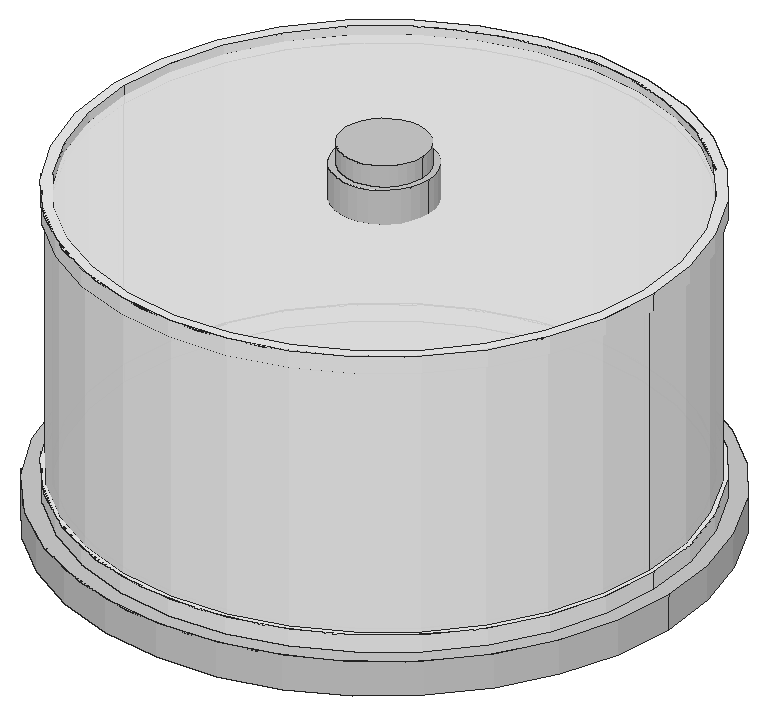
Revit family "2-6184-24 Echo", category Lighting Fixtures, Revit 2014
Parameters
  Wattage = 2.34277 W
  built-in parameter 1150110 = 1 (stored number, unit not read)
  URL = "http:www//oxygenlighting.com"
  Type Comments = "Lighting - Fluorescent"
  built-in parameter 1114217 = 1 (stored number, unit not read)
  Tilt Angle = -90.00°
  built-in parameter 1150109 = 1 (stored number, unit not read)
  built-in parameter 1150134 = 3
  built-in parameter 1150113 = 1 (stored number, unit not read)
  Shade = White Grass Shade
  Product Documentation Link = ""
  Power Factor = "0.99"
  Photometric Web File = "2-6184-24.IES"
  Model = "2-6184-24"
  Metal Finish = Satin Nickel
  Manufacturer = "Oxygen Lighting"
  built-in parameter 1150105 = 27.693 (stored number, unit not read)
  Lumens = 348 lm
  built-in parameter 1150115 = 1 (stored number, unit not read)
  built-in parameter 1150137 = (empty or 0)
  built-in parameter 1150139 = (empty or 0)
  built-in parameter 1150112 = 1 (stored number, unit not read)
  Lamp Manufacturer = "Sylvania"
  built-in parameter 1150114 = 1 (stored number, unit not read)
  Lamp = "2x13W quad tube 4-pin (G24-1) fluorescent"
  Junction Box = "4\" Octagonal"
  Input Voltage = "120V"
  Input Power = "27.3"
  Input Current = "Antron CSD-UV18PS"
  built-in parameter 1150132 = 2
  built-in parameter 1150102 = (empty or 0)
  built-in parameter 1150107 = 3200 (stored number, unit not read)
  built-in parameter 1150138 = (empty or 0)
  built-in parameter 1150106 = 0.27693 (stored number, unit not read)
  Fixture Diameter = 0' - 11 5/8"
  Emit from Circle Diameter = 2' - 0"
  Emit Shape Visible in Rendering = no
  built-in parameter 1150104 = 13.8 (stored number, unit not read)
  Dimming Lamp Color Temperature Shift = <None>
  Color Filter = 16777215
  Ballast Manufacturer = "Fulham"
  Diffuser = Matte White Acrylic
  Description = "11 1/2\"dia. Ceiling Mount"
  Default Elevation = 4' - 0"
  built-in parameter 1114218 = 1 (stored number, unit not read)
  built-in parameter 1150133 = 10 (stored number, unit not read)
  Apparent Load = 27.3 VA
Reference planes (in)
  plane 1 "Light Source Axis (F/B)": y = -8.60801
  plane 2: z = 0
  plane 3 "Light Source Axis (L/R)": x = 0
  plane 4 "Light Source Elevation": z = 5
  plane 5: z = 0
  plane 6: y = -2.79551
  plane 7: y = -14.42051
  plane 8: x = -5.8125
  plane 9: x = 5.8125
  plane 10: x = -5.5
  plane 11: x = 5.5
  plane 12: x = -0.90625
  plane 13: x = 0.90625
  plane 14: x = -0.78125
  plane 15: x = 0.78125
  plane 16: z = 6.03125
  plane 17: z = 5.71875
  plane 18: z = 0.9375
  plane 19: z = 0.625
  plane 20: z = 6.5
  plane 21: z = 6.875
  plane 22: x = -5.3125
  plane 23: x = 5.3125
Forms (in)
  Extrusion 1, solid, material "Satin Nickel" <- "Metal Finish", not visible
    sketch origin (0, 0, 5) x (0, -1, 0) y (1, 0, 0)
      loop
        line (2.60801, -6) -> (14.60801, -6) -> (14.60801, 6) -> (2.60801, 6) -> (2.60801, -6)
      loop
        line (14.04551, 5.4375) -> (3.17051, 5.4375) -> (3.17051, -5.4375) -> (14.04551, -5.4375) -> (14.04551, 5.4375)
    from -0.375 to -0.785
  Extrusion 2, solid, material "Satin Nickel" <- "Metal Finish", not visible
    sketch origin (0, 0, 5) x (0, -1, 0) y (1, 0, 0)
      loop
        line (2.60801, -6) -> (14.60801, -6) -> (14.60801, 6) -> (2.60801, 6) -> (2.60801, -6)
    from -5 to -4.59
  Extrusion 3, solid, material "Satin Nickel" <- "Metal Finish", not visible
    sketch origin (0, 0, 5) x (0, -1, 0) y (1, 0, 0)
      loop
        circle (14.27801, 5.67) r 0.195
      loop
        circle (14.27801, -5.67) r 0.195
      loop
        circle (2.93801, -5.67) r 0.195
      loop
        circle (2.93801, 5.67) r 0.195
    from -0.175 to -5
  Extrusion 4, solid, material "Matte White Acrylic" <- "Diffuser", not visible
    sketch origin (0, 0, 5) x (0, -1, 0) y (1, 0, 0)
      loop
        line (3.17051, -5.4375) -> (14.04551, -5.4375) -> (14.04551, 5.4375) -> (3.17051, 5.4375) -> (3.17051, -5.4375)
      loop
        line (3.25051, 5.3575) -> (3.25051, -5.3575) -> (13.96551, -5.3575) -> (13.96551, 5.3575) -> (3.25051, 5.3575)
    from -4.59 to -0.375
  Extrusion 5, solid, material "Matte White Acrylic" <- "Diffuser", not visible
    sketch origin (0, 0, 5) x (0, -1, 0) y (1, 0, 0)
      loop
        line (3.17051, -5.4375) -> (14.04551, -5.4375) -> (14.04551, 5.4375) -> (3.17051, 5.4375) -> (3.17051, -5.4375)
    from -0.45282 to -0.375
  Revolve 6, solid, material "Satin Nickel" <- "Metal Finish", not visible
    sketch origin (-5.67, 0, 0) x (0, 1, 0) y (0, 0, 1)
      loop
        arc (-2.74301, 4.825) -> (-2.83442, 4.87697) -> (-2.93801, 4.895) r 0.30661
        line (-2.93801, 4.895) -> (-2.93801, 4.825) -> (-2.74301, 4.825)
      axis (-2.93801, 4.825) -> (-2.93801, 4.895)
    angle from 0 to 360
  Revolve 7, solid, material "Satin Nickel" <- "Metal Finish", not visible
    sketch origin (5.67, -11.34, 0) x (0, 1, 0) y (0, 0, 1)
      loop
        arc (-2.74301, 4.825) -> (-2.83442, 4.87697) -> (-2.93801, 4.895) r 0.30661
        line (-2.93801, 4.895) -> (-2.93801, 4.825) -> (-2.74301, 4.825)
      axis (-2.93801, 4.825) -> (-2.93801, 4.895)
    angle from 0 to 360
  Revolve 8, solid, material "Satin Nickel" <- "Metal Finish", not visible
    sketch origin (5.67, 0, 0) x (0, 1, 0) y (0, 0, 1)
      loop
        arc (-2.74301, 4.825) -> (-2.83442, 4.87697) -> (-2.93801, 4.895) r 0.30661
        line (-2.93801, 4.895) -> (-2.93801, 4.825) -> (-2.74301, 4.825)
      axis (-2.93801, 4.825) -> (-2.93801, 4.895)
    angle from 0 to 360
  Revolve 9, solid, material "Satin Nickel" <- "Metal Finish", not visible
    sketch origin (-5.67, -11.34, 0) x (0, 1, 0) y (0, 0, 1)
      loop
        arc (-2.74301, 4.825) -> (-2.83442, 4.87697) -> (-2.93801, 4.895) r 0.30661
        line (-2.93801, 4.895) -> (-2.93801, 4.825) -> (-2.74301, 4.825)
      axis (-2.93801, 4.825) -> (-2.93801, 4.895)
    angle from 0 to 360
  Extrusion 10, solid, material "Matte White Acrylic" <- "Diffuser", not visible
    sketch origin (0, 0, 5) x (0, -1, 0) y (1, 0, 0)
      loop
        circle (8.60801, 0) r 7.43856
    from 7.56293 to 7.75993
  Extrusion 11, solid, material "Satin Nickel" <- "Metal Finish", not visible
    sketch origin (0, 0, 5) x (0, -1, 0) y (1, 0, 0)
      loop
        circle (8.60801, 0) r 2.758
    from 7.81903 to 7.90405
  Revolve 12, solid, material "Satin Nickel" <- "Metal Finish", not visible
    sketch origin (0, 0, 0) x (0, 1, 0) y (0, 0, 1)
      loop
        line (-1.41871, 10.61415) -> (-1.41871, 12.56293) -> (-1.45023, 12.56293) -> (-1.45023, 10.61415)
        arc (-1.45023, 10.61415) -> (-1.456, 10.60022) -> (-1.46993, 10.59445) r 0.0197
        line (-1.46993, 10.59445) -> (-7.84827, 10.59445)
        arc (-7.84827, 10.59445) -> (-7.91857, 10.60077) -> (-7.98661, 10.61953) r 0.394
        line (-7.98661, 10.61953) -> (-8.16802, 10.68756)
        arc (-8.16802, 10.68756) -> (-8.23606, 10.70633) -> (-8.30636, 10.71265) r 0.394
        line (-8.30636, 10.71265) -> (-8.60801, 10.71265) -> (-8.60801, 10.68113) -> (-8.30636, 10.68113)
        arc (-8.30636, 10.68113) -> (-8.28126, 10.68033) -> (-8.25625, 10.67793) r 0.394
        arc (-8.25625, 10.67793) -> (-8.2115, 10.66954) -> (-8.16802, 10.65604) r 0.394
        line (-8.16802, 10.65604) -> (-7.98661, 10.58801)
        arc (-7.98661, 10.58801) -> (-7.91857, 10.56925) -> (-7.84827, 10.56293) r 0.394
        line (-7.84827, 10.56293) -> (-1.46993, 10.56293)
        arc (-1.46993, 10.56293) -> (-1.43372, 10.57793) -> (-1.41871, 10.61415) r 0.05122
      axis (-8.60801, 12.56293) -> (-8.60801, 10.56293)
    angle from 0 to 360
  Extrusion 13, solid, not visible
    sketch origin (0, 0, 5) x (0, -1, 0) y (1, 0, 0)
      loop
        circle (13.2144, 2.6595) r 0.197
      loop
        circle (4.00163, 2.6595) r 0.197
      loop
        circle (8.60801, -5.319) r 0.197
    from 5.00069 to 5.59445
  Revolve 14, solid, not visible
    sketch origin (0, 0, 0) x (0, 1, 0) y (0, 0, 1)
      loop
        line (-6.83801, 1.09605) -> (-6.83801, 1.3)
        arc (-6.83801, 1.3) -> (-6.882, 1.32836) -> (-6.93301, 1.34) r 0.15097
        line (-6.93301, 1.34) -> (-6.93301, 1.46) -> (-7.00801, 1.46) -> (-7.00801, 1.03) -> (-6.77801, 1.03) -> (-6.77801, 1.07)
        arc (-6.77801, 1.07) -> (-6.80582, 1.08809) -> (-6.83801, 1.09605) r 0.09961
      axis (-7.00801, 1.03) -> (-7.00801, 1.46)
    angle from 0 to 360
  Revolve 15, solid, not visible
    sketch origin (0, 0, 0) x (0, 1, 0) y (0, 0, 1)
      loop
        line (-6.60801, 0.9675) -> (-5.85801, 0.9675) -> (-5.85801, 1.03) -> (-8.60801, 1.03) -> (-8.60801, 0) -> (-6.60801, 0) -> (-6.60801, 0.9675)
      axis (-8.60801, 1.03) -> (-8.60801, 0)
    angle from 0 to 360
  Blend 16, solid, not visible
    base sketch origin (0, 0, 5) x (0, -1, 0) y (1, 0, 0)
      loop
        circle (7.01958, 0) r 0.03114
    top sketch origin (0, 0, 5) x (0, -1, 0) y (1, 0, 0)
      loop
        circle (3.99126, 2.65199) r 0.03261
    from -3.54 to 5.00069
  Revolve 17, solid, not visible
    sketch origin (7.45476, -12.91202, 0) x (0.866025, -0.5, 0) y (0, 0, 1)
      loop
        line (-6.83801, 1.09605) -> (-6.83801, 1.3)
        arc (-6.83801, 1.3) -> (-6.882, 1.32836) -> (-6.93301, 1.34) r 0.15097
        line (-6.93301, 1.34) -> (-6.93301, 1.46) -> (-7.00801, 1.46) -> (-7.00801, 1.03) -> (-6.77801, 1.03) -> (-6.77801, 1.07)
        arc (-6.77801, 1.07) -> (-6.80582, 1.08809) -> (-6.83801, 1.09605) r 0.09961
      axis (-7.00801, 1.03) -> (-7.00801, 1.46)
    angle from 0 to 360
  Revolve 18, solid, not visible
    sketch origin (-7.45476, -12.91202, 0) x (-0.866025, -0.5, 0) y (0, 0, 1)
      loop
        line (-6.83801, 1.09605) -> (-6.83801, 1.3)
        arc (-6.83801, 1.3) -> (-6.882, 1.32836) -> (-6.93301, 1.34) r 0.15097
        line (-6.93301, 1.34) -> (-6.93301, 1.46) -> (-7.00801, 1.46) -> (-7.00801, 1.03) -> (-6.77801, 1.03) -> (-6.77801, 1.07)
        arc (-6.77801, 1.07) -> (-6.80582, 1.08809) -> (-6.83801, 1.09605) r 0.09961
      axis (-7.00801, 1.03) -> (-7.00801, 1.46)
    angle from 0 to 360
  Blend 19, solid, not visible
    base sketch origin (0, 0, 5) x (0, -1, 0) y (1, 0, 0)
      loop
        circle (9.39942, 1.38405) r 0.03129
    top sketch origin (0, 0, 5) x (0, -1, 0) y (1, 0, 0)
      loop
        circle (13.20572, 2.65068) r 0.03291
    from -3.54 to 5.00069
  Blend 20, solid, not visible
    base sketch origin (0, 0, 5) x (0, -1, 0) y (1, 0, 0)
      loop
        circle (9.40429, -1.38764) r 0.03256
    top sketch origin (0, 0, 5) x (0, -1, 0) y (1, 0, 0)
      loop
        circle (8.60801, -5.31942) r 0.03147
    from -3.54 to 5.00069
  Extrusion 21, solid, material "Matte White Acrylic" <- "Diffuser", not visible
    sketch origin (0, 0, 5) x (0, -1, 0) y (1, 0, 0)
      loop
        circle (8.60801, 0) r 7.43856
    from 7.56293 to 7.75993
  Extrusion 22, solid, material "Satin Nickel" <- "Metal Finish", not visible
    sketch origin (0, 0, 5) x (0, -1, 0) y (1, 0, 0)
      loop
        circle (8.60801, 0) r 2.758
    from 7.81903 to 7.90405
  Revolve 23, solid, material "Satin Nickel" <- "Metal Finish", not visible
    sketch origin (0, 0, 0) x (0, 1, 0) y (0, 0, 1)
      loop
        line (-1.41871, 10.61415) -> (-1.41871, 12.56293) -> (-1.45023, 12.56293) -> (-1.45023, 10.61415)
        arc (-1.45023, 10.61415) -> (-1.456, 10.60022) -> (-1.46993, 10.59445) r 0.0197
        line (-1.46993, 10.59445) -> (-7.84827, 10.59445)
        arc (-7.84827, 10.59445) -> (-7.91857, 10.60077) -> (-7.98661, 10.61953) r 0.394
        line (-7.98661, 10.61953) -> (-8.16802, 10.68756)
        arc (-8.16802, 10.68756) -> (-8.23606, 10.70633) -> (-8.30636, 10.71265) r 0.394
        line (-8.30636, 10.71265) -> (-8.60801, 10.71265) -> (-8.60801, 10.68113) -> (-8.30636, 10.68113)
        arc (-8.30636, 10.68113) -> (-8.28126, 10.68033) -> (-8.25625, 10.67793) r 0.394
        arc (-8.25625, 10.67793) -> (-8.2115, 10.66954) -> (-8.16802, 10.65604) r 0.394
        line (-8.16802, 10.65604) -> (-7.98661, 10.58801)
        arc (-7.98661, 10.58801) -> (-7.91857, 10.56925) -> (-7.84827, 10.56293) r 0.394
        line (-7.84827, 10.56293) -> (-1.46993, 10.56293)
        arc (-1.46993, 10.56293) -> (-1.43372, 10.57793) -> (-1.41871, 10.61415) r 0.05122
      axis (-8.60801, 12.56293) -> (-8.60801, 10.56293)
    angle from 0 to 360
  Extrusion 24, solid, not visible
    sketch origin (-4.30401, -1.15326, 5) x (0.5, -0.866025, 0) y (0.866025, 0.5, 0)
      loop
        circle (13.2144, 2.6595) r 0.197
      loop
        circle (4.00163, 2.6595) r 0.197
      loop
        circle (8.60801, -5.319) r 0.197
    from 5.00069 to 5.59445
  Revolve 25, solid, not visible
    sketch origin (0, 0, 0) x (0, 1, 0) y (0, 0, 1)
      loop
        line (-6.83801, 1.09605) -> (-6.83801, 1.3)
        arc (-6.83801, 1.3) -> (-6.882, 1.32836) -> (-6.93301, 1.34) r 0.15097
        line (-6.93301, 1.34) -> (-6.93301, 1.46) -> (-7.00801, 1.46) -> (-7.00801, 1.03) -> (-6.77801, 1.03) -> (-6.77801, 1.07)
        arc (-6.77801, 1.07) -> (-6.80582, 1.08809) -> (-6.83801, 1.09605) r 0.09961
      axis (-7.00801, 1.03) -> (-7.00801, 1.46)
    angle from 0 to 360
  Revolve 26, solid, not visible
    sketch origin (0, 0, 0) x (0, 1, 0) y (0, 0, 1)
      loop
        line (-6.60801, 0.9675) -> (-5.85801, 0.9675) -> (-5.85801, 1.03) -> (-8.60801, 1.03) -> (-8.60801, 0) -> (-6.60801, 0) -> (-6.60801, 0.9675)
      axis (-8.60801, 1.03) -> (-8.60801, 0)
    angle from 0 to 360
  Blend 27, solid, not visible
    base sketch origin (0, 0, 5) x (0, -1, 0) y (1, 0, 0)
      loop
        circle (7.01958, 0) r 0.03114
    top sketch origin (0, 0, 5) x (0, -1, 0) y (1, 0, 0)
      loop
        circle (3.28066, 0) r 0.03261
    from -3.54 to 5.00069
  Revolve 28, solid, not visible
    sketch origin (7.45476, -12.91202, 0) x (0.866025, -0.5, 0) y (0, 0, 1)
      loop
        line (-6.83801, 1.09605) -> (-6.83801, 1.3)
        arc (-6.83801, 1.3) -> (-6.882, 1.32836) -> (-6.93301, 1.34) r 0.15097
        line (-6.93301, 1.34) -> (-6.93301, 1.46) -> (-7.00801, 1.46) -> (-7.00801, 1.03) -> (-6.77801, 1.03) -> (-6.77801, 1.07)
        arc (-6.77801, 1.07) -> (-6.80582, 1.08809) -> (-6.83801, 1.09605) r 0.09961
      axis (-7.00801, 1.03) -> (-7.00801, 1.46)
    angle from 0 to 360
  Revolve 29, solid, not visible
    sketch origin (-7.45476, -12.91202, 0) x (-0.866025, -0.5, 0) y (0, 0, 1)
      loop
        line (-6.83801, 1.09605) -> (-6.83801, 1.3)
        arc (-6.83801, 1.3) -> (-6.882, 1.32836) -> (-6.93301, 1.34) r 0.15097
        line (-6.93301, 1.34) -> (-6.93301, 1.46) -> (-7.00801, 1.46) -> (-7.00801, 1.03) -> (-6.77801, 1.03) -> (-6.77801, 1.07)
        arc (-6.77801, 1.07) -> (-6.80582, 1.08809) -> (-6.83801, 1.09605) r 0.09961
      axis (-7.00801, 1.03) -> (-7.00801, 1.46)
    angle from 0 to 360
  Blend 30, solid, not visible
    base sketch origin (0, 0, 5) x (0, -1, 0) y (1, 0, 0)
      loop
        circle (9.39942, 1.38405) r 0.03129
    top sketch origin (0, 0, 5) x (0, -1, 0) y (1, 0, 0)
      loop
        circle (11.26118, 4.59523) r 0.03291
    from -3.54 to 5.00069
  Blend 31, solid, not visible
    base sketch origin (0, 0, 5) x (0, -1, 0) y (1, 0, 0)
      loop
        circle (9.40429, -1.38764) r 0.03256
    top sketch origin (0, 0, 5) x (0, -1, 0) y (1, 0, 0)
      loop
        circle (11.25891, -4.60942) r 0.03278
    from -3.54 to 5.00069
  Extrusion 32, solid, material "Satin Nickel" <- "Metal Finish", not visible
    sketch origin (0, 0, 5) x (0, -1, 0) y (1, 0, 0)
      loop
        circle (8.60801, 0) r 5.1875
    from -5 to -4.5625
  Extrusion 33, solid, material "Satin Nickel" <- "Metal Finish", not visible
    sketch origin (0, 0, 5) x (0, -1, 0) y (1, 0, 0)
      loop
        circle (8.60801, 0) r 5.1875
      loop
        circle (8.60801, 0) r 4.375
    from -3.1875 to -2.75
  Extrusion 34, solid, material "Satin Nickel" <- "Metal Finish", not visible
    sketch origin (0, 0, 5) x (0, -1, 0) y (1, 0, 0)
      loop
        circle (3.82676, 0) r 0.1875
      loop
        circle (10.99864, 4.14068) r 0.1875
      loop
        circle (10.99864, -4.14068) r 0.1875
    from -4.5625 to -2.5625
  Revolve 35, solid, material "Matte White Acrylic" <- "Diffuser", not visible
    sketch origin (0, 0, 0) x (0, 1, 0) y (0, 0, 1)
      loop
        line (-8.60801, 3.43893) -> (-8.60801, 3.31393)
        arc (-8.60801, 3.31393) -> (-6.42584, 3.05921) -> (-4.361, 2.30875) r 9.47469
        line (-4.361, 2.30875) -> (-4.361, 1.6875) -> (-4.20176, 1.6875) -> (-4.20176, 0.4375) -> (-4.07676, 0.4375) -> (-4.07676, 1.8125) -> (-4.236, 1.8125) -> (-4.236, 2.38555)
        arc (-4.236, 2.38555) -> (-6.35945, 3.17187) -> (-8.60801, 3.43893) r 9.59969
      axis (-8.60801, 3.43893) -> (-8.60801, 0.4375)
    angle from 0 to 360
  Extrusion 36, solid, material "Satin Nickel" <- "Metal Finish", not visible
    sketch origin (0, 0, 5) x (0, -1, 0) y (1, 0, 0)
      loop
        circle (8.60801, 0) r 12
    from -5 to -4.493
  Extrusion 37, solid, material "Satin Nickel" <- "Metal Finish", not visible
    sketch origin (0, 0, 5) x (0, -1, 0) y (1, 0, 0)
      loop
        circle (8.60801, 0) r 12
      loop
        circle (8.60801, 0) r 11
    from -3.16213 to -2.75
  Revolve 38, solid, material "Matte White Acrylic" <- "Diffuser", not visible
    sketch origin (0, 0, 0) x (0, 1, 0) y (0, 0, 1)
      loop
        line (2.68736, 1.83787) -> (2.39111, 1.83787) -> (2.39111, 2.66011)
        arc (2.39111, 2.66011) -> (-2.978, 4.46047) -> (-8.60801, 5.07) r 26.30584
        line (-8.60801, 5.07) -> (-8.60801, 4.945)
        arc (-8.60801, 4.945) -> (-3.04384, 4.3469) -> (2.26611, 2.57991) r 26.18084
        line (2.26611, 2.57991) -> (2.26611, 1.71287) -> (2.56236, 1.71287) -> (2.56236, 0.4375) -> (2.68736, 0.4375) -> (2.68736, 1.83787)
      axis (-8.60801, 5.07) -> (-8.60801, 0.4375)
    angle from 0 to 360
  Extrusion 39, solid, not visible
    sketch origin (0, 0, 5) x (0, -1, 0) y (1, 0, 0)
      loop
        circle (14.39601, 10.0251) r 0.19013
      loop
        circle (14.41867, -10.06435) r 0.19013
      loop
        circle (-3.05736, 0) r 0.1875
    from -4.493 to -2.52838
  Extrusion 40, solid, material "Satin Nickel" <- "Metal Finish"
    sketch origin (0, 0, 5) x (0, -1, 0) y (1, 0, 0)
      loop
        circle (8.60801, 0) r 0.90625
      loop
        circle (8.60801, 0) r 0.78125
    from 0.87294 to 1.5
  Extrusion 41, solid, material "Satin Nickel" <- "Metal Finish"
    sketch origin (0, 0, 5) x (0, -1, 0) y (1, 0, 0)
      loop
        circle (8.60801, 0) r 0.78125
    from 1.5 to 1.875
  Extrusion 42, solid, material "Satin Nickel" <- "Metal Finish"
    sketch origin (0, 0, 5) x (0, -1, 0) y (1, 0, 0)
      loop
        circle (8.60801, 0) r 5.8125
    from -5 to -4.375
  Extrusion 43, solid, material "generic white"
    sketch origin (0, 0, 5) x (0, -1, 0) y (1, 0, 0)
      loop
        circle (8.60801, 0) r 5.5
      loop
        circle (8.60801, 0) r 5.3125
    from -4.375 to -4.0625
  Extrusion 44, solid, material "generic white"
    sketch origin (0, 0, 5) x (0, -1, 0) y (1, 0, 0)
      loop
        circle (8.60801, 0) r 5.5
      loop
        circle (8.60801, 0) r 5.3125
    from 0.71875 to 1.03125
  Extrusion 45, solid, material "White Grass Shade" <- "Shade"
    sketch origin (0, 0, 5) x (0, -1, 0) y (1, 0, 0)
      loop
        circle (8.60801, 0) r 5.42939
      loop
        circle (8.60801, 0) r 5.3125
    from -4.0625 to 0.71875
  Extrusion 46, solid, material "Matte White Acrylic" <- "Diffuser"
    sketch origin (0, 0, 5) x (0, -1, 0) y (1, 0, 0)
      loop
        circle (8.60801, 0) r 5.3125
    from 0.71875 to 0.87294
Dimensions and locks (in)
  "Fixture Diameter": plane 6 to plane 7
  aligned and locked: level to plane 5
  aligned and locked: plane 20 to Extrusion 40
  aligned and locked: plane 21 to Extrusion 41
  aligned and locked: Extrusion 41 to plane 20
  aligned and locked: Extrusion 42 to level
  aligned and locked: plane 19 to Extrusion 42
  aligned and locked: plane 18 to Extrusion 43
  aligned and locked: Extrusion 40 to Extrusion 46
Automatic sketch dimensions
  Extrusion 40 sketch curve to Extrusion 40 sketch curve = 0' - 0"  (x2)
  plane 1 "Light Source Axis (F/B)" to Extrusion 40 sketch curve = 0' - 0"
  Extrusion 40 sketch curve to plane 3 "Light Source Axis (L/R)" = 0' - 0"
  plane 1 "Light Source Axis (F/B)" to Extrusion 41 sketch curve = 0' - 0"
  Extrusion 41 sketch curve to plane 3 "Light Source Axis (L/R)" = 0' - 0"
  plane 1 "Light Source Axis (F/B)" to Extrusion 42 sketch curve = 0' - 0"
  Extrusion 42 sketch curve to plane 3 "Light Source Axis (L/R)" = 0' - 0"
  Extrusion 43 sketch curve to Extrusion 43 sketch curve = 0' - 0"  (x2)
  plane 1 "Light Source Axis (F/B)" to Extrusion 43 sketch curve = 0' - 0"
  Extrusion 43 sketch curve to plane 3 "Light Source Axis (L/R)" = 0' - 0"
  Extrusion 44 sketch curve to Extrusion 44 sketch curve = 0' - 0"  (x2)
  plane 1 "Light Source Axis (F/B)" to Extrusion 44 sketch curve = 0' - 0"
  Extrusion 44 sketch curve to plane 3 "Light Source Axis (L/R)" = 0' - 0"
  Extrusion 45 sketch curve to Extrusion 45 sketch curve = 0' - 0"  (x2)
  plane 1 "Light Source Axis (F/B)" to Extrusion 45 sketch curve = 0' - 0"
  Extrusion 45 sketch curve to plane 3 "Light Source Axis (L/R)" = 0' - 0"
  plane 1 "Light Source Axis (F/B)" to Extrusion 46 sketch curve = 0' - 0"
  Extrusion 46 sketch curve to plane 3 "Light Source Axis (L/R)" = 0' - 0"
  radius of Extrusion 40 sketch curve = 0' - 0 29/32"
  radius of Extrusion 40 sketch curve = 0' - 0 25/32"
  radius of Extrusion 41 sketch curve = 0' - 0 25/32"
  radius of Extrusion 42 sketch curve = 0' - 5 13/16"
  radius of Extrusion 43 sketch curve = 0' - 5 1/2"
  radius of Extrusion 43 sketch curve = 0' - 5 5/16"
  radius of Extrusion 44 sketch curve = 0' - 5 1/2"
  radius of Extrusion 44 sketch curve = 0' - 5 5/16"
  radius of Extrusion 45 sketch curve = 0' - 5.42939"
  radius of Extrusion 45 sketch curve = 0' - 5 5/16"
  radius of Extrusion 46 sketch curve = 0' - 5 5/16"
